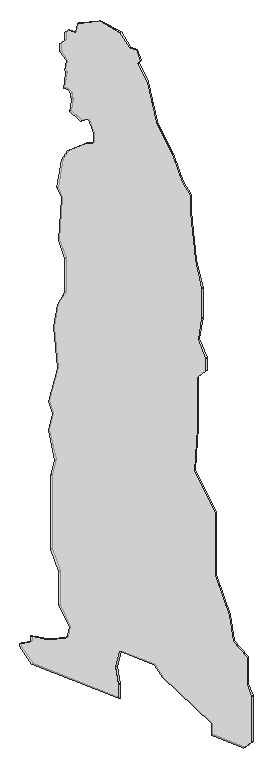
Revit family "Flat Arab 01", category Entourage, Revit 2015
Parameters
  Flat Material [instance] = none
  Height = 0 mm
Reference planes
  plane 1 "Center (Front/Back)": y = 0
  plane 2: z = 0
  plane 3 "Center (Left/Right)": x = 0
  plane 4: z = 1800
Forms (mm)
  Extrusion 1, solid, material <- "Flat Material"
    sketch origin (0, 0, 0) x (1, 0, 0) y (0, 0, 1)
      loop
        line (-217.011, 1622.799) -> (-221.718, 1596.105) -> (-218.183, 1592.569) -> (-225.997, 1548.253) -> (-210.997, 1548.253) -> (-203.926, 1541.182) -> (-203.926, 1531.182) -> (-200.39, 1527.646) -> (-206.468, 1493.178) -> (-174.609, 1478.322) -> (-152.681, 1490.329) -> (-136.672, 1461.092) -> (-136.672, 1436.092) -> (-159.503, 1425.907) -> (-212.748, 1388.625) -> (-230.248, 1358.314) -> (-244.14, 1279.529) -> (-232.133, 1257.601) -> (-240.155, 1142.881) -> (-221.137, 1102.097) -> (-221.137, 1013.465) -> (-243.637, 974.494) -> (-254.924, 910.481) -> (-243.949, 806.056) -> (-269.831, 709.464) -> (-257.152, 682.275) -> (-270.093, 633.978) -> (-250.682, 561.534) -> (-262.328, 518.067) -> (-262.328, 323.067) -> (-239.084, 273.22) -> (-239.084, 183.22) -> (-207.538, 138.167) -> (-215.302, 109.189) -> (-269.681, 83.832) -> (-321.408, 74.711) -> (-321.408, 59.711) -> (-353.129, 44.919) -> (-353.129, 34.919) -> (-318.21, 0) -> (-63.21, 0) -> (-63.21, 37.105) -> (-71.024, 81.421) -> (-59.377, 124.888) -> (40.623, 124.888) -> (65.372, 100.139) -> (209.179, 30) -> (209.179, 0) -> (304.179, 0) -> (327.384, 23.206) -> (327.384, 143.206) -> (314.373, 171.107) -> (314.373, 241.107) -> (273.416, 269.786) -> (262.129, 333.799) -> (219.867, 424.429) -> (219.867, 589.429) -> (159.641, 675.44) -> (168.012, 795.148) -> (168.012, 925.148) -> (192.761, 949.897) -> (192.761, 984.897) -> (169.978, 1026.504) -> (180.397, 1085.592) -> (180.397, 1165.531) -> (162.28, 1233.146) -> (147.655, 1352.252) -> (147.655, 1397.252) -> (122.907, 1422.001) -> (94.39, 1485.929) -> (46.984, 1553.631) -> (21.102, 1650.224) -> (-7.071, 1690.459) -> (0, 1697.531) -> (-11.732, 1723.831) -> (-31.732, 1723.831) -> (-60.016, 1752.115) -> (-119.105, 1762.534) -> (-183.765, 1733.691) -> (-191.085, 1706.371) -> (-211.085, 1706.371) -> (-221.692, 1695.764) -> (-221.692, 1675.764) -> (-235.834, 1661.622) -> (-235.834, 1641.622) -> (-217.011, 1622.799)
    from -2.5 to 2.5
Lines and regions (mm)
  model lines
    curve 1: line (0, 148, 0) -> (0, -152, 0)
    curve 2: line (148.202, -0.202, 0) -> (-151.798, -0.202, 0)
Dimensions and locks
  aligned and locked: level to plane 2
